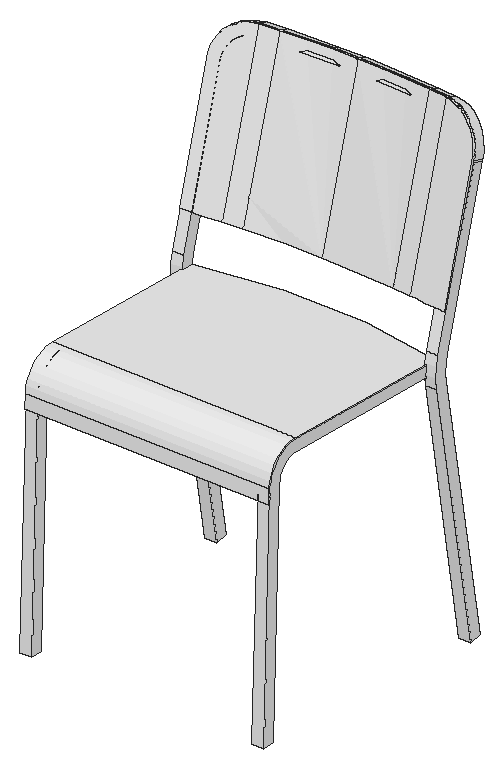
Revit family
Parameters (values of type "2006")
  Width = 18 1/2"
  Weight (lbs) = 7
  Warranties = "Life-time Warranty"  # constant formula
  URL = "www.emeco.net"
  Trolly for tow Stacks = "Yes"  # constant formula
  Stackable = "Stacks 12 High"  # constant formula
  Spinneybeck Volo Leather = "Yes"  # constant formula
  Sound Attenuation Pad = ""
  Seat Pad Finish = EMECO-Black Vinyl
  Seat Pad Accessory [instance] = no
  Seat Material = "EMECO-Recycled  Aluminum"  # constant formula
  Seat Height = 18"
  Product Name = "20-60™ Stacking Chair"  # constant formula
  Outdoor Warranty = "N/A"  # constant formula
  Model = "2006"
  Manufacturer = "Emeco"  # constant formula
  Integrated Felt Glide = "Yes"  # constant formula
  Height = 31 1/2"
  Frame Material = "EMECO-Recycled  Aluminum"  # constant formula
  Frame Finish = EMECO-Hand Brushed
  Fire Retardant Seat Pad = "N/A"  # constant formula
  Fire Retardant = "Certified Acc To Bs And Cal133"  # constant formula
  Description = ""
  Depth = 19 1/2"
  Created by = "Contino"  # constant formula
  Collaborator = "Norman Foster"  # constant formula
  Back Pad Finish = EMECO-Black Vinyl
  Back Pad Accesory [instance] = no
  Back Material = "EMECO-Recycled  Aluminum"  # constant formula
  Back Finish = EMECO-Hand Brushed
  BIFMA = "Yes"  # constant formula
  Assembly Code = "E2020200"
Reference planes (in)
  plane 1 "Center Front/Back": y = 0
  plane 2: z = 0
  plane 3 "Center Left/Right": x = 0
  plane 4 "Top 2": z = 31.5
  plane 5 "Left 1": x = -9.25
  plane 6 "Right 1": x = 9.25
  plane 7 "Front 1": y = -19.5
  plane 8 "Top 1": z = 18
Forms (in)
  Extrusion 1, solid, material "EMECO-Hand Brushed" <- "Frame Finish"
    sketch origin (0, -9.75, 0) x (0, 1, 0) y (0, 0, 1)
      loop
        arc (-8.41029, 15.80218) -> (-7.98706, 16.82396) -> (-6.96528, 17.24719) r 1.44501
        line (-6.96528, 17.24719) -> (4.38217, 16.85093) -> (4.40965, 17.63785) -> (-6.9378, 18.03412)
        arc (-6.9378, 18.03412) -> (-8.50143, 17.4495) -> (-9.1937, 15.93046) r 2.1811
        line (-9.1937, 15.93046) -> (-9.75, 0) -> (-8.96212, 0) -> (-8.41029, 15.80218)
    from 7.70268 to 8.49008
  Extrusion 2, solid, material "EMECO-Hand Brushed" <- "Frame Finish"
    sketch origin (0, -9.75, 0) x (0, 1, 0) y (0, 0, -1)
      loop
        line (-8.41029, -15.80218) -> (-8.96212, 0) -> (-9.75, 0) -> (-9.1937, -15.93046)
        arc (-9.1937, -15.93046) -> (-8.50143, -17.4495) -> (-6.9378, -18.03412) r 2.1811
        line (-6.9378, -18.03412) -> (4.40965, -17.63785) -> (4.38217, -16.85093) -> (-6.96528, -17.24719)
        arc (-6.96528, -17.24719) -> (-7.98706, -16.82396) -> (-8.41029, -15.80218) r 1.44501
    from 7.65165 to 8.43906
  Extrusion 3, solid, material "EMECO-Black Vinyl" <- "Seat Pad Finish", visible <- "Seat Pad Accessory"
    sketch origin (0, -9.75, 0) x (0, 1, 0) y (0, 0, 1)
      loop
        line (6.24037, 17.81029) -> (-6.92956, 18.27019)
        arc (-6.92956, 18.27019) -> (-8.66253, 17.62226) -> (-9.42977, 15.93871) r 2.41732
        line (-9.42977, 15.93871) -> (-9.45761, 15.14147)
        arc (-9.45761, 15.14147) -> (-9.41407, 15.03045) -> (-9.30666, 14.97865) r 0.16328
        line (-9.30666, 14.97865) -> (-9.2705, 16.01406)
        arc (-9.2705, 16.01406) -> (-8.57824, 17.5331) -> (-7.01461, 18.11772) r 2.1811
        line (-7.01461, 18.11772) -> (6.24037, 17.65484) -> (6.24037, 17.81029)
    from -8.43906 to 8.49008
  Extrusion 4, solid, material "EMECO-Hand Brushed" <- "Frame Finish"
    sketch origin (0, -9.75, 0) x (1, 0, 0) y (0, 1, 0)
      loop
        arc (-8.43906, 4.31302) -> (0.02551, 5.44378) -> (8.49008, 4.31302) r 32.24716
        line (8.49008, 4.31302) -> (8.49008, 5.09994)
        arc (8.49008, 5.09994) -> (0.02551, 6.1577) -> (-8.43906, 5.09994) r 34.39711
        line (-8.43906, 5.09994) -> (-8.43906, 4.31302)
    from 16.8271 to 17.58415
  Extrusion 5, void
    sketch origin (0, -9.75, 0) x (1, 0, 0) y (0, 1, 0)
      loop
        line (8.84835, 5.00692) -> (8.84835, 6.84681) -> (-9.04941, 6.84681) -> (-9.04941, 4.939)
        arc (-9.04941, 4.939) -> (-0.10503, 6.15745) -> (8.84835, 5.00692) r 34.39711
    from 15.80218 to 19.4181
  Extrusion 6, solid, material "EMECO-Hand Brushed" <- "Back Finish"
    sketch origin (0.02344, -14.98377, 3.25599) x (1, 0, 0) y (0, 0.96131, -0.27547)
      loop
        line (6.5129, 5.50088) -> (5.18943, 5.67658)
        spline (5.18943, 5.67658) -> (4.75944, 5.73126) -> (4.32887, 5.78121) -> (3.89778, 5.82641) -> (3.46622, 5.86688) -> (3.03423, 5.90259) -> (2.60188, 5.93356) -> (2.16922, 5.95976) -> (1.73629, 5.98121) -> (1.30315, 5.99789) -> (0.86986, 6.0098) -> (0.43646, 6.01695) -> (0.003, 6.01934)
        spline (0.003, 6.01934) -> (-0.43045, 6.01695) -> (-0.86385, 6.0098) -> (-1.29714, 5.99789) -> (-1.73028, 5.98121) -> (-2.16321, 5.95976) -> (-2.59588, 5.93356) -> (-3.02823, 5.90259) -> (-3.46021, 5.86688) -> (-3.89177, 5.82641) -> (-4.32286, 5.78121) -> (-4.75343, 5.73126) -> (-5.18342, 5.67658)
        line (-5.18342, 5.67658) -> (-6.5069, 5.50088)
        spline (-6.5069, 5.50088) -> (-6.8426, 5.4563) -> (-7.17296, 5.41239) -> (-7.49297, 5.36983) -> (-7.79776, 5.32926) -> (-8.08272, 5.29129) -> (-8.34353, 5.25651) -> (-8.57622, 5.22543) -> (-8.77727, 5.19854) -> (-8.94362, 5.17623) -> (-9.07276, 5.15885) -> (-9.16273, 5.14665) -> (-9.21215, 5.13984)
        line (-9.21215, 5.13984) -> (-9.21215, 4.98984)
        spline (-9.21215, 4.98984) -> (-9.16273, 4.99665) -> (-9.07276, 5.00885) -> (-8.94362, 5.02623) -> (-8.77727, 5.04854) -> (-8.57622, 5.07543) -> (-8.34353, 5.10651) -> (-8.08272, 5.14129) -> (-7.79776, 5.17926) -> (-7.49297, 5.21983) -> (-7.17296, 5.26239) -> (-6.8426, 5.3063) -> (-6.5069, 5.35088)
        line (-6.5069, 5.35088) -> (-5.18342, 5.52658)
        spline (-5.18342, 5.52658) -> (-4.75343, 5.58126) -> (-4.32286, 5.63121) -> (-3.89177, 5.67641) -> (-3.46021, 5.71688) -> (-3.02823, 5.75259) -> (-2.59588, 5.78356) -> (-2.16321, 5.80976) -> (-1.73028, 5.83121) -> (-1.29714, 5.84789) -> (-0.86385, 5.8598) -> (-0.43045, 5.86695) -> (0.003, 5.86934)
        spline (0.003, 5.86934) -> (0.43646, 5.86695) -> (0.86986, 5.8598) -> (1.30315, 5.84789) -> (1.73629, 5.83121) -> (2.16922, 5.80976) -> (2.60188, 5.78356) -> (3.03423, 5.75259) -> (3.46622, 5.71688) -> (3.89778, 5.67641) -> (4.32887, 5.63121) -> (4.75944, 5.58126) -> (5.18943, 5.52658)
        line (5.18943, 5.52658) -> (6.5129, 5.35088)
        spline (6.5129, 5.35088) -> (6.84861, 5.3063) -> (7.17897, 5.26239) -> (7.49898, 5.21983) -> (7.80377, 5.17926) -> (8.08873, 5.14129) -> (8.34954, 5.10651) -> (8.58223, 5.07543) -> (8.78328, 5.04854) -> (8.94963, 5.02623) -> (9.07877, 5.00885) -> (9.16874, 4.99665) -> (9.21816, 4.98984)
        line (9.21816, 4.98984) -> (9.21816, 5.13984)
        spline (9.21816, 5.13984) -> (9.16874, 5.14665) -> (9.07877, 5.15885) -> (8.94963, 5.17623) -> (8.78328, 5.19854) -> (8.58223, 5.22543) -> (8.34954, 5.25651) -> (8.08873, 5.29129) -> (7.80377, 5.32926) -> (7.49898, 5.36983) -> (7.17897, 5.41239) -> (6.84861, 5.4563) -> (6.5129, 5.50088)
    from 19.84473 to 32.04082
  Extrusion 7, solid, material "EMECO-Hand Brushed" <- "Frame Finish"
    sketch origin (0, -9.75, 0) x (0, 1, 0) y (0, 0, 1)
      loop
        line (-9.22703, 14.97584) -> (-8.44011, 14.94836) -> (-8.414, 15.69609) -> (-9.20092, 15.72357) -> (-9.22703, 14.97584)
    from -7.65165 to 7.70268
  Extrusion 8, solid, material "EMECO-Hand Brushed" <- "Frame Finish"
    sketch origin (0, -9.75, 0) x (0, 1, 0) y (0, 0, 1)
      loop
        line (6.24037, 17.57392) -> (6.24311, 17.65248) -> (-6.9391, 18.11281)
        arc (-6.9391, 18.11281) -> (-8.55918, 17.50709) -> (-9.27644, 15.93321) r 2.25984
        line (-9.27644, 15.93321) -> (-9.30977, 14.97873) -> (-9.22703, 14.97584) -> (-9.1937, 15.93046)
        arc (-9.1937, 15.93046) -> (-8.50143, 17.4495) -> (-6.9378, 18.03412) r 2.1811
        line (-6.9378, 18.03412) -> (6.24037, 17.57392)
    from -8.43906 to 8.49008
  Sweep 9, solid, material "EMECO-Hand Brushed" <- "Frame Finish"
    path in 3D
      loop
        line (9.25093, -2.47187, -0.61048) -> (9.25093, -5.38793, 16.39126)
        arc (9.25093, -5.38793, 16.39126) -> (9.25093, -5.44888, 17.44782) -> (9.25093, -5.2731, 18.49145) r 4.72441
        line (9.25093, -5.2731, 18.49145) -> (9.25093, -2.2153, 29.16134) -> (9.2516, -2.18475, 29.26798)
        arc (9.2516, -2.18475, 29.26798) -> (8.46321, -1.54457, 31.11668) -> (6.53634, -1.07251, 31.8332) r 2.75591
        line (6.53634, -1.07251, 31.8332) -> (5.21286, -0.90141, 31.79248)
        arc (5.21286, -0.90141, 31.79248) -> (2.62532, -0.65116, 31.73293) -> (0.02644, -0.56762, 31.71305) r 39.37008
        arc (0.02644, -0.56762, 31.71305) -> (-2.57244, -0.65116, 31.73293) -> (-5.15998, -0.90141, 31.79248) r 39.37008
        line (-5.15998, -0.90141, 31.79248) -> (-6.48346, -1.07251, 31.8332)
        arc (-6.48346, -1.07251, 31.8332) -> (-8.41032, -1.54457, 31.11668) -> (-9.19872, -2.18475, 29.26798) r 2.75591
        line (-9.19872, -2.18475, 29.26798) -> (-9.19805, -2.2153, 29.16134) -> (-9.19805, -5.2731, 18.49145)
        arc (-9.19805, -5.2731, 18.49145) -> (-9.19805, -5.44888, 17.44782) -> (-9.19805, -5.38793, 16.39126) r 4.72441
        line (-9.19805, -5.38793, 16.39126) -> (-9.19805, -2.47187, -0.61048)
    profile origin (9.25093, -3.9299, 7.89039) x (0, -0.985608, -0.169047) y (1, 0, 0)
      loop
        line (0, 0) -> (-0.7874, 0) -> (-0.7874, -0.7874) -> (0, -0.7874) -> (0, 0)
  Extrusion 10, void
    sketch origin (-30.60583, 8.50452, 0) x (-1, 0, 0) y (0, 0, 1)
      loop
        line (-19.65778, 20.22327) -> (-19.65778, 32.92238) -> (-41.35676, 32.92238) -> (-41.35676, 20.22327) -> (-39.85676, 20.22327) -> (-39.85676, 29.22327)
        spline (-39.85676, 29.22327) -> (-39.84117, 29.57256) -> (-39.7781, 29.91505) -> (-39.66867, 30.24476) -> (-39.51479, 30.55593) -> (-39.31915, 30.84312) -> (-39.08517, 31.10131) -> (-38.81693, 31.32598) -> (-38.51913, 31.51321) -> (-38.19696, 31.65973) -> (-37.85608, 31.76297) -> (-37.50242, 31.82113) -> (-37.14217, 31.8332)
        line (-37.14217, 31.8332) -> (-35.8187, 31.79248)
        spline (-35.8187, 31.79248) -> (-35.38871, 31.77981) -> (-34.95814, 31.76824) -> (-34.52705, 31.75776) -> (-34.09549, 31.74838) -> (-33.6635, 31.74011) -> (-33.23115, 31.73293) -> (-32.79849, 31.72686) -> (-32.36556, 31.72189) -> (-31.93242, 31.71802) -> (-31.49913, 31.71526) -> (-31.06573, 31.71361) -> (-30.63227, 31.71305)
        spline (-30.63227, 31.71305) -> (-30.19882, 31.71361) -> (-29.76542, 31.71526) -> (-29.33212, 31.71802) -> (-28.89899, 31.72189) -> (-28.46606, 31.72686) -> (-28.03339, 31.73293) -> (-27.60104, 31.74011) -> (-27.16906, 31.74838) -> (-26.7375, 31.75776) -> (-26.30641, 31.76824) -> (-25.87584, 31.77981) -> (-25.44585, 31.79248)
        line (-25.44585, 31.79248) -> (-24.12237, 31.8332)
        spline (-24.12237, 31.8332) -> (-23.76213, 31.82113) -> (-23.40847, 31.76297) -> (-23.06758, 31.65973) -> (-22.74542, 31.51321) -> (-22.44762, 31.32598) -> (-22.17938, 31.10131) -> (-21.94539, 30.84312) -> (-21.74975, 30.55593) -> (-21.59587, 30.24476) -> (-21.48644, 29.91505) -> (-21.42338, 29.57256) -> (-21.40778, 29.22327)
        line (-21.40778, 29.22327) -> (-21.40778, 20.22327) -> (-19.65778, 20.22327)
    from -14.29929 to -8.06024
  Extrusion 11, solid, material "EMECO-Black Vinyl" <- "Back Pad Finish", visible <- "Back Pad Accesory"
    sketch origin (0.02344, -15.12797, 3.29731) x (1, 0, 0) y (0, 0.96131, -0.27547)
      loop
        line (6.5129, 5.50088) -> (5.18943, 5.67658)
        spline (5.18943, 5.67658) -> (4.75944, 5.73126) -> (4.32887, 5.78121) -> (3.89778, 5.82641) -> (3.46622, 5.86688) -> (3.03423, 5.90259) -> (2.60188, 5.93356) -> (2.16922, 5.95976) -> (1.73629, 5.98121) -> (1.30315, 5.99789) -> (0.86986, 6.0098) -> (0.43646, 6.01695) -> (0.003, 6.01934)
        spline (0.003, 6.01934) -> (-0.43045, 6.01695) -> (-0.86385, 6.0098) -> (-1.29714, 5.99789) -> (-1.73028, 5.98121) -> (-2.16321, 5.95976) -> (-2.59588, 5.93356) -> (-3.02823, 5.90259) -> (-3.46021, 5.86688) -> (-3.89177, 5.82641) -> (-4.32286, 5.78121) -> (-4.75343, 5.73126) -> (-5.18342, 5.67658)
        line (-5.18342, 5.67658) -> (-6.5069, 5.50088)
        spline (-6.5069, 5.50088) -> (-6.8426, 5.4563) -> (-7.17296, 5.41239) -> (-7.49297, 5.36983) -> (-7.79776, 5.32926) -> (-8.08272, 5.29129) -> (-8.34353, 5.25651) -> (-8.57622, 5.22543) -> (-8.77727, 5.19854) -> (-8.94362, 5.17623) -> (-9.07276, 5.15885) -> (-9.16273, 5.14665) -> (-9.21215, 5.13984)
        line (-9.21215, 5.13984) -> (-9.21215, 4.97984)
        spline (-9.21215, 4.97984) -> (-9.16273, 4.98665) -> (-9.07276, 4.99885) -> (-8.94362, 5.01623) -> (-8.77727, 5.03854) -> (-8.57622, 5.06543) -> (-8.34353, 5.09651) -> (-8.08272, 5.13129) -> (-7.79776, 5.16926) -> (-7.49297, 5.20983) -> (-7.17296, 5.25239) -> (-6.8426, 5.2963) -> (-6.5069, 5.34088)
        line (-6.5069, 5.34088) -> (-5.18342, 5.51658)
        spline (-5.18342, 5.51658) -> (-4.75343, 5.57126) -> (-4.32286, 5.62121) -> (-3.89177, 5.66641) -> (-3.46021, 5.70688) -> (-3.02823, 5.74259) -> (-2.59588, 5.77356) -> (-2.16321, 5.79976) -> (-1.73028, 5.82121) -> (-1.29714, 5.83789) -> (-0.86385, 5.8498) -> (-0.43045, 5.85695) -> (0.003, 5.85934)
        spline (0.003, 5.85934) -> (0.43646, 5.85695) -> (0.86986, 5.8498) -> (1.30315, 5.83789) -> (1.73629, 5.82121) -> (2.16922, 5.79976) -> (2.60188, 5.77356) -> (3.03423, 5.74259) -> (3.46622, 5.70688) -> (3.89778, 5.66641) -> (4.32887, 5.62121) -> (4.75944, 5.57126) -> (5.18943, 5.51658)
        line (5.18943, 5.51658) -> (6.5129, 5.34088)
        spline (6.5129, 5.34088) -> (6.84861, 5.2963) -> (7.17897, 5.25239) -> (7.49898, 5.20983) -> (7.80377, 5.16926) -> (8.08873, 5.13129) -> (8.34954, 5.09651) -> (8.58223, 5.06543) -> (8.78328, 5.03854) -> (8.94963, 5.01623) -> (9.07877, 4.99885) -> (9.16874, 4.98665) -> (9.21816, 4.97984)
        line (9.21816, 4.97984) -> (9.21816, 5.13984)
        spline (9.21816, 5.13984) -> (9.16874, 5.14665) -> (9.07877, 5.15885) -> (8.94963, 5.17623) -> (8.78328, 5.19854) -> (8.58223, 5.22543) -> (8.34954, 5.25651) -> (8.08873, 5.29129) -> (7.80377, 5.32926) -> (7.49898, 5.36983) -> (7.17897, 5.41239) -> (6.84861, 5.4563) -> (6.5129, 5.50088)
    from 19.84473 to 32.04082
Cuts and joins
  Extrusion 5 cuts Extrusion 3
  Extrusion 5 cuts Extrusion 4
  Extrusion 5 cuts Extrusion 8
  Extrusion 10 cuts Extrusion 6
  Extrusion 10 cuts Extrusion 11
Lines and regions (in)
  Masking region 1
    outline origin (0, 8.50452, 0) x (-1, 0, 0) y (0, 0, 1)
      loop
        line (9.25, 0) -> (9.25, 28.95833)
        arc (9.25, 28.95833) -> (8.58256, 30.67964) -> (6.92918, 31.50105) r 2.55333
        arc (6.92918, 31.50105) -> (-0.00562, 31.40859) -> (-6.94043, 31.5) r 261.59757
        arc (-6.94043, 31.5) -> (-8.58637, 30.67546) -> (-9.25, 28.95833) r 2.55333
        line (-9.25, 28.95833) -> (-9.25, 0) -> (-7.70268, 0) -> (-7.70268, 14.9749) -> (7.70268, 14.9749) -> (7.70268, 0) -> (9.25, 0)
      loop
        line (8.41158, 18) -> (8.41158, 20.96591)
        arc (8.41158, 20.96591) -> (0, 20.92355) -> (-8.41158, 20.96591) r 835.34573
        line (-8.41158, 20.96591) -> (-8.41158, 18) -> (8.41158, 18)
  Masking region 2
    outline origin (0, -9.75, 0) x (0, 1, 0) y (0, 0, 1)
      loop
        line (-8.95818, 0) -> (-8.41029, 15.68952)
        arc (-8.41029, 15.68952) -> (-7.98706, 16.71129) -> (-6.96528, 17.13453) r 1.44501
        line (-6.96528, 17.13453) -> (4.33992, 16.73974) -> (4.3632, 16.29564) -> (7.15815, 0) -> (7.95705, 0) -> (5.14219, 16.4117) -> (5.12506, 16.71232) -> (6.21289, 16.67434) -> (6.24311, 17.53981) -> (5.16623, 17.57741) -> (5.35061, 18.66766) -> (5.99322, 20.90871) -> (6.26224, 20.89932) -> (6.3271, 21.12933) -> (8.44388, 29.5668)
        arc (8.44388, 29.5668) -> (8.50768, 29.73995) -> (8.57858, 29.91031) r 4.46904
        arc (8.57858, 29.91031) -> (8.67977, 30.14481) -> (8.81001, 30.36451) r 2.0002
        arc (8.81001, 30.36451) -> (8.87614, 30.44018) -> (8.97163, 30.4715) r 0.18989
        line (8.97163, 30.4715) -> (9.45008, 30.35765) -> (9.7653, 31.08008) -> (9.04358, 31.39498) -> (8.5387, 31.51511) -> (8.31768, 31.5)
        arc (8.31768, 31.5) -> (7.7061, 30.76536) -> (7.38055, 29.86662) r 2.77089
        line (7.38055, 29.86662) -> (4.9049, 21.21381) -> (5.18204, 20.93668) -> (4.59377, 18.88513) -> (4.37727, 17.60496) -> (-6.93506, 18)
        arc (-6.93506, 18) -> (-8.5577, 17.3958) -> (-9.27644, 15.82054) r 2.25985
        line (-9.27644, 15.82054) -> (-9.30708, 14.94321)
        arc (-9.30708, 14.94321) -> (-9.28363, 14.88661) -> (-9.22703, 14.86317) r 0.08004
        line (-9.22703, 14.86317) -> (-9.74607, 0) -> (-8.95818, 0)
  Masking region 3
    outline origin (0, -9.75, 0) x (1, 0, 0) y (0, 1, 0)
      loop
        line (7.70268, -9.30977) -> (7.70268, -9.75) -> (8.49008, -9.75) -> (8.49008, 4.29813) -> (9.25, 4.29813) -> (9.25, 7.87138)
        arc (9.25, 7.87138) -> (8.89986, 8.42069) -> (8.34757, 8.76611) r 1.47798
        arc (8.34757, 8.76611) -> (7.13984, 9.11062) -> (5.90001, 9.31089) r 10.67508
        arc (5.90001, 9.31089) -> (-0.08032, 9.74997) -> (-6.06164, 9.32476) r 41.60312
        arc (-6.06164, 9.32476) -> (-7.37611, 9.12636) -> (-8.65573, 8.76611) r 10.67508
        arc (-8.65573, 8.76611) -> (-8.97656, 8.60794) -> (-9.25, 8.37733) r 1.47798
        line (-9.25, 8.37733) -> (-9.25, 4.29813) -> (-8.43906, 4.29813) -> (-8.43906, -9.75) -> (-7.65165, -9.75) -> (-7.65165, -9.30977) -> (7.70268, -9.30977)
  symbolic lines
    curve 1: arc (-8.27151, -4.68031, 0) -> (0.02551, -3.58957, 0) -> (8.32253, -4.68031, 0) r 32.10202
    curve 2: line (-8.27151, -4.68031, 0) -> (-9.25, -4.72022, 0)
    curve 3: line (8.32253, -4.68031, 0) -> (9.25, -4.71814, 0)
    curve 4: arc (-8.88154, -1.94522, 0) -> (-8.6518, -1.81053, 0) -> (-8.40781, -1.70384, 0) r 2.25789
    curve 5: arc (-8.40781, -1.70384, 0) -> (-7.6638, -1.46478, 0) -> (-6.90225, -1.28949, 0) r 9.2332
    curve 6: arc (8.88154, -1.94522, 0) -> (8.6518, -1.81053, 0) -> (8.40781, -1.70384, 0) r 2.25789
    curve 7: arc (8.40781, -1.70384, 0) -> (7.6638, -1.46478, 0) -> (6.90225, -1.28949, 0) r 9.2332
    curve 8: arc (-6.90225, -1.28949, 0) -> (0, -0.65302, 0) -> (6.90225, -1.28949, 0) r 37.74452
    curve 9: line (-7.65165, -19.05977, 0) -> (-8.43906, -19.05977, 0)
    curve 10: line (7.70268, -19.05977, 0) -> (8.49008, -19.05977, 0)
    curve 11: line (-8.43906, -5.45187, 0) -> (-8.43906, -4.68715, 0)
    curve 12: line (8.49008, -5.45187, 0) -> (8.49008, -4.68715, 0)
    curve 27: line (-8.43906, 0, 0) -> (-8.43906, 0, 18.11188)
    curve 28: line (8.49008, 0, 0) -> (8.49008, 0, 18.11188)
    curve 29: line (8.41158, 0, 18.11188) -> (9.25093, 0, 18.11188)
    curve 30: line (-8.43906, 0, 18.11188) -> (-9.25, 0, 18.11188)
    curve 31: line (7.70268, 0, 14.9749) -> (8.49008, 0, 14.9749)
    curve 32: line (-7.70584, 0, 14.97772) -> (-8.43906, 0, 14.97772)
    curve 33: line (8.41158, 0, 20.96591) -> (9.25093, 0, 20.96591)
    curve 34: line (-8.41158, 0, 20.96591) -> (-9.25093, 0, 20.96591)
    curve 35: line (0, -4.56796, 20.93668) -> (0, -2.21547, 29.16076)
    curve 36: line (0, -1.28326, 29.5546) -> (0, -3.75678, 20.90871)
    curve 37: arc (0, -5.36762, 17.60479) -> (0, -5.40264, 17.17293) -> (0, -5.40896, 16.7397) r 6.53605
    curve 38: arc (0, -4.57823, 17.57722) -> (0, -4.61416, 17.14545) -> (0, -4.62553, 16.71234) r 7.62957
    curve 39: arc (0, -1.28326, 29.5546) -> (0, -0.96953, 30.46236) -> (0, -0.55958, 31.33091) r 8.87899
    curve 40: arc (0, -1.33833, 31.50642) -> (0, -1.82339, 30.35097) -> (0, -2.21547, 29.16076) r 15.81984
    curve 41: arc (8.88154, -1.94522, 0) -> (9.1034, -2.15042, 0) -> (9.25093, -2.41417, 0) r 0.96532
    curve 42: arc (-8.88154, -1.94522, 0) -> (-9.1034, -2.15042, 0) -> (-9.25093, -2.41417, 0) r 0.96532
  sketch lines
    curve 13: line (9.25093, -2.47187, -0.61048) -> (9.25093, -5.38793, 16.39126)
    curve 14: arc (9.25093, -5.38793, 16.39126) -> (9.25093, -5.44888, 17.44782) -> (9.25093, -5.2731, 18.49145) r 4.72441
    curve 15: line (9.25093, -5.2731, 18.49145) -> (9.25093, -2.2153, 29.16134)
    curve 16: line (9.25093, -2.2153, 29.16134) -> (9.2516, -2.18475, 29.26798)
    curve 17: arc (9.2516, -2.18475, 29.26798) -> (8.46321, -1.54457, 31.11668) -> (6.53634, -1.07251, 31.8332) r 2.75591
    curve 18: line (5.21286, -0.90141, 31.79248) -> (6.53634, -1.07251, 31.8332)
    curve 19: arc (0.02644, -0.56762, 31.71305) -> (2.62532, -0.65116, 31.73293) -> (5.21286, -0.90141, 31.79248) r 39.37008
    curve 20: arc (-5.15998, -0.90141, 31.79248) -> (-2.57244, -0.65116, 31.73293) -> (0.02644, -0.56762, 31.71305) r 39.37008
    curve 21: line (-6.48346, -1.07251, 31.8332) -> (-5.15998, -0.90141, 31.79248)
    curve 22: arc (-6.48346, -1.07251, 31.8332) -> (-8.41032, -1.54457, 31.11668) -> (-9.19872, -2.18475, 29.26798) r 2.75591
    curve 23: line (-9.19872, -2.18475, 29.26798) -> (-9.19805, -2.2153, 29.16134)
    curve 24: line (-9.19805, -2.2153, 29.16134) -> (-9.19805, -5.2731, 18.49145)
    curve 25: arc (-9.19805, -5.2731, 18.49145) -> (-9.19805, -5.44888, 17.44782) -> (-9.19805, -5.38793, 16.39126) r 4.72441
    curve 26: line (-9.19805, -5.38793, 16.39126) -> (-9.19805, -2.47187, -0.61048)
Dimensions and locks (in)
  plane 4 "Top 2" to level = 31 1/2"
  level to plane 4 "Top 2" = 31 1/2"
  plane 7 "Front 1" to plane 1 "Center Front/Back" = 19 1/2"  (x2)
  plane 8 "Top 1" to level = 18"
  level to plane 8 "Top 1" = 18"
  plane 6 "Right 1" to plane 5 "Left 1" = 18 1/2"
  plane 5 "Left 1" to plane 6 "Right 1" = 18 1/2"
